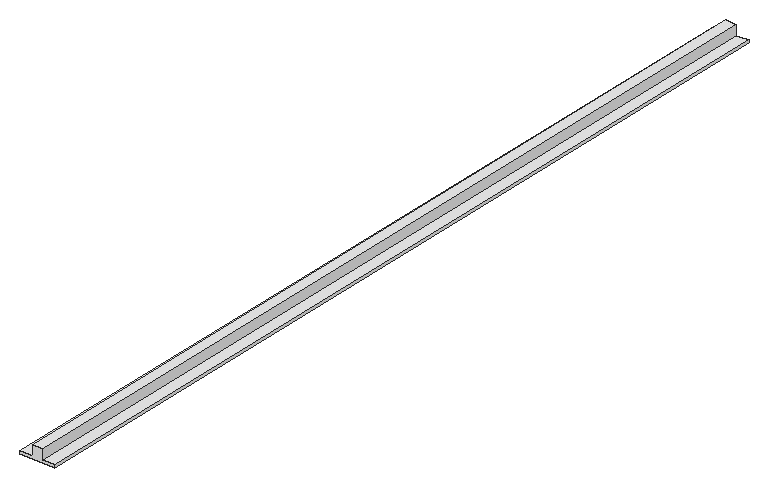
Revit family "Door-Hardware_Hinge_Hager_Roton-Continuous-Geared", category Specialty Equipment, Revit 2024
Family settings
  Round Connector Dimension = Use Diameter
  Part Type = Normal
  OmniClass Number = 23.30.40.24.11
  OmniClass Title = Hinges
  Work Plane-Based = Yes
  Enable Cutting in Views = No
  Always vertical = No
  Cut with Voids When Loaded = No
  Maintain Annotation Orientation = No
  Shared = Yes
  Room Calculation Point = No
Parameters
  Warranty Duration (Years) = 0
  Unit Length [instance] = 6' - 0"
  URL = "http://www.hagerco.com/"
  Suggested Use = "as Specified"
  Standards Conformance = "as Specified"
  Specification = "http://www.arcat.com/sdspecs/htm04/08_71_00hco.htm"
  SpecWizard = ""
  Send Message = ""
  Sales Information = "http://www.hagerco.com/contact-us.aspx"
  Revision = "R1_2015-10"
  Restrictions = "as Specified"
  Product Properties = ""
  Product Data = "http://www.arcat.com/arcatcos/cos32/arc32922.html"
  Model = "As Specified"
  Manufacturer Website = "http://www.hagerco.com/"
  Manufacturer Phone - Toll Free = "800-325-9995"
  Manufacturer Phone = "314-772-4400"
  Manufacturer Fax = "800-782-0149"
  Manufacturer Address = "139 Victor St.  St. Louis, MO 63104"
  Manufacturer = "Hager Companies"
  Maintenance Schedule (Months) = 0
  Keynote = "087100"
  Installation-Fabrication = ""
  Installation Phase = ""
  Hinge Extend Right = 0' - 1"
  Hinge Extend Left = 0' - 1"
  Hinge Design = Hinge : Hinge
  Green Building-LEED = ""
  Gear Width = 0' - 0 7/8"
  Gear Depth = 0' - 1"
  Fixture Finish [instance] = Metal - Standard US Finish as Specified
  Expected Lifespan (Years) = 0
  Drawn By = "Sumex Design, Inc. / Robert S. Weygant, CSI, CDT, SCIP"
  Description = ""
  Default Elevation = 0' - 0"
  Copyright = "©Arcat Inc."
  Construction Details = ""
  Clearance Required = 0' - 0"
  Capacity = "as Specified"
  Available Options = "as Specified"
  Assembly Code = "C1020410"
  Air Space Below Door [instance] = 0' - 0 1/2"
Reference planes (in)
  plane 1 "CL": y = -4.25
  plane 2 "Bottom": z = 0
  plane 3 "Center Rig": x = 0
  plane 4: y = 32
  plane 5: y = -40.5
  plane 6: y = -40
Dimensions and locks (in)
  equal spacing: plane 4, plane 1 "CL", plane 5
  "Unit Length": plane 4 to plane 6
  "Air Space Below Door": plane 6 to plane 5
  aligned and locked: plane 3 "Center Rig" to nested 1
Nested families (in)
  nested 1: "Hinge" at (0, -40, 0), type <- "Hinge Design", length <- "Unit Length", finish <- "Fixture Finish", gear width <- "Gear Width", gear depth <- "Gear Depth", Hinge Extend Right <- "Hinge Extend Right", Hinge Extend Left <- "Hinge Extend Left", type "Hinge"
    with width 0' - 3.82271", length 6' - 0", gear width 0' - 0 7/8", gear depth 0' - 1", finish Metal - Standard US Finish as Specified, Hinge Extend Right 0' - 1", Hinge Extend Left 0' - 1"
Definition of nested family "Hinge"
  Parameters
    width [instance] = 0' - 3.82271"
    length [instance] = 4' - 0"
    gear width [instance] = 0' - 3.82271"
    gear depth [instance] = 0' - 1"
    finish [instance] = none
    Hinge Extend Right [instance] = 0' - 2 3/4"
    Hinge Extend Left [instance] = 0' - 2 1/4"
    Default Elevation = 0' - 0"
    Assembly Code = ""
  Reference planes (in)
    plane 1 "Center (Front/Back)": y = 0
    plane 2: z = 0
    plane 3 "Center (Left/Right)": x = 0
    plane 4: y = 48
    plane 5: x = -1.91136
    plane 6: x = 1.91136
    plane 7: x = 4.66136
    plane 8: x = -4.16136
  Forms (in)
    Extrusion 1, solid, material <- "finish"
      sketch origin (0, 0, 0) x (1, 0, 0) y (0, 0, 1)
        loop
          line (-1.91136, 0) -> (1.91136, 0) -> (1.91136, 1) -> (-1.91136, 1) -> (-1.91136, 0)
      from -48 to 0
    Extrusion 2, solid, material <- "finish"
      sketch origin (0, 0, 0) x (1, 0, 0) y (0, 0, 1)
        loop
          line (4.66136, 0.1875) -> (-4.16136, 0.1875) -> (-4.16136, 0) -> (4.66136, 0) -> (4.66136, 0.1875)
      from 0 to -48
  Cuts and joins
    joined: Extrusion 1, Extrusion 2
  Dimensions and locks (in)
    "length": plane 1 "Center (Front/Back)" to plane 4
    equal spacing: plane 6, plane 3 "Center (Left/Right)", plane 5
    "gear width": plane 6 to plane 5
    "gear depth": Extrusion 1 sketch curve to level
    "Hinge Extend Left": plane 5 to plane 8
    "Hinge Extend Right": plane 7 to plane 6
    locked: Extrusion 2 sketch curve to plane 2 at 0.1875
    aligned and locked: plane 2 to level
    aligned and locked: plane 4 to Extrusion 1
    aligned and locked: plane 1 "Center (Front/Back)" to Extrusion 1
    aligned and locked: Extrusion 1 sketch curve to plane 5
    aligned and locked: Extrusion 1 sketch curve to plane 6
    aligned and locked: plane 7 to Extrusion 2 sketch curve
    aligned and locked: Extrusion 2 sketch curve to plane 8
    aligned and locked: plane 4 to Extrusion 2
    aligned and locked: plane 1 "Center (Front/Back)" to Extrusion 2
  Automatic sketch dimensions
    Extrusion 1 sketch curve to level = 0' - 0"
    Extrusion 2 sketch curve to level = 0' - 0"
